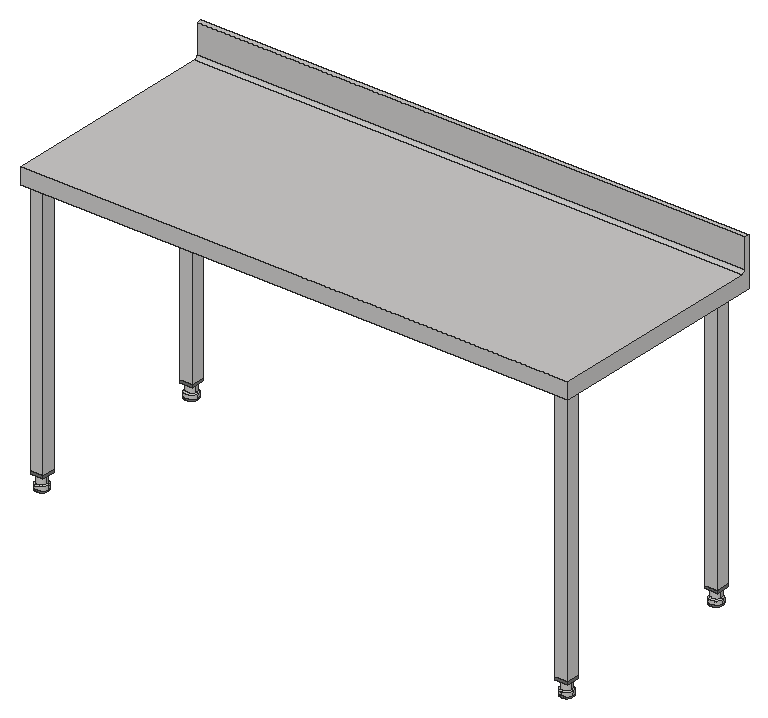
Revit family "QF_ZANUSSI_133235_TG1710N", category Attrezzature speciali, Revit 2020
Family settings
  Quota connettore circolare = Usa diametro
  Tipo di parte = Normale
  Basato su piano di lavoro = No
  Sempre verticale = Sì
  Taglio con vuoti quando caricato = No
  Condiviso = No
  Punto di calcolo locali = No
Parameters (values of type "Standard")
  Weight = 52.00 kg
  Watts = 0 W
  Volts = 0 V
  URL Manufacturer = "http://www.zanussiprofessional.com"
  URL = "http://www.zanussiprofessional.com"
  Steam Supply Size = 0 mm
  Steam Supply Minimum Pressure = 0.0 Pa
  Steam Supply Maximum Pressure = 0.0 Pa
  Steam Consumption per Hour = 0
  Refrigeration Suction Line Size = 0.0 mm
  Refrigeration Liquid Line Size = 0.0 mm
  Refrigerant Compressor Remote = yes
  Prospetto di default = 0.0 mm
  Produttore = "Zanussi"
  Phase = 0
  Modello = "TG1710N"
  Length Actual = 1700.0 mm  # constant formula
  Item Number = "133235"
  Hot Water Size = 0 mm
  Height Actual = 1000.0 mm  # constant formula
  HP = "0 HP"
  Gas Size = 0 mm
  Gas KW = 0
  Gas Input Pressure = 0 W
  Direct Waste Size = 0 mm
  Descrizione = "WORK TABLE WITH UPSTAND 1700 MM"
  Depth Actual = 700.0 mm  # constant formula
  Cycle = 0 Hz
  Condensate Return Size = 0 mm
  Compressed Air Volume = 0.0 L/s
  Compressed Air Size = 0 mm
  Compressed Air Pressure = 0.0 Pa
  Cold Water Size = 0 mm
  Accessory = yes
Reference planes
  plane 1 "Center (Front/Back)": y = 0
  plane 2: z = 0
  plane 3 "Center (Left/Right)": x = -350
  plane 4 "LEFT": x = -1200
  plane 5 "RIGHT": x = 500
  plane 6 "BACK": y = 350
  plane 7 "FRONT": y = -350
  plane 8 "Base": z = 850
  plane 9 "TOP": z = 900
  plane 10: x = -1164.5
  plane 11: x = 464.5
  plane 12: y = 269.5
  plane 13: y = -310.5
Forms (mm)
  Extrusion 1, solid, material "QF_Finishes_Stainless Steel"
    sketch origin (-350, 0, 0) x (0, 1, 0) y (0, 0, 1)
      loop
        line (-350, 850) -> (350, 850) -> (350, 1000) -> (337, 1000) -> (337, 910)
        arc (337, 910) -> (334.071, 902.929) -> (327, 900) r 10
        line (327, 900) -> (-350, 900) -> (-350, 850)
    from 850 to -850
Lines and regions (mm)
  symbolic lines
    curve 1: line (500, 350, 900) -> (-1200, 350, 900)
    curve 2: line (-1200, 350, 900) -> (-1200, -350, 900)
    curve 3: line (-1200, -350, 900) -> (500, -350, 900)
    curve 4: line (500, -350, 900) -> (500, 350, 900)
    curve 5: line (500, 337, 900) -> (-1200, 337, 900)
Dimensions and locks
  plane 4 "LEFT" to plane 5 "RIGHT" = 1700.0 mm
  equal spacing: plane 4 "LEFT", plane 3 "Center (Left/Right)", plane 5 "RIGHT"
  locked: plane 8 "Base" to level at 850
  plane 4 "LEFT" to plane 10 = 35.5 mm
  plane 11 to plane 5 "RIGHT" = 35.5 mm
  plane 10 to plane 11 = 1629.0 mm
  locked: Extrusion 1 to level at 1000
  plane 9 "TOP" to level = 900.0 mm
  plane 6 "BACK" to plane 12 = 80.5 mm
  plane 13 to plane 7 "FRONT" = 39.5 mm
  plane 6 "BACK" to plane 7 "FRONT" = 700.0 mm
  plane 12 to plane 13 = 580.0 mm
  equal spacing: plane 6 "BACK", plane 1 "Center (Front/Back)", plane 7 "FRONT"
  aligned and locked: level to plane 2
  aligned and locked: plane 10 to nested 1
  aligned and locked: nested 1 to plane 13
  aligned and locked: plane 11 to nested 2
  aligned and locked: nested 2 to plane 13
  aligned and locked: plane 11 to nested 4
  aligned and locked: nested 4 to plane 12
  aligned and locked: plane 10 to nested 3
  aligned and locked: nested 3 to plane 12
  aligned and locked: Extrusion 1 to plane 4 "LEFT"
  aligned and locked: plane 5 "RIGHT" to Extrusion 1
  aligned and locked: curve 2 to plane 4 "LEFT"
Automatic sketch dimensions
  Extrusion 1 sketch curve to plane 7 "FRONT" = 0.0 mm
  Extrusion 1 sketch curve to plane 9 "TOP" = 0.0 mm
  Extrusion 1 sketch curve to plane 6 "BACK" = 0.0 mm
  Extrusion 1 sketch curve to plane 8 "Base" = 0.0 mm
  plane 9 "TOP" to Extrusion 1 sketch curve = 10.0 mm
  Extrusion 1 sketch curve to plane 6 "BACK" = 13.0 mm
  Extrusion 1 sketch curve to Extrusion 1 sketch curve = 90.0 mm
  curve 3 to plane 7 "FRONT" = 0.0 mm
  curve 5 to plane 5 "RIGHT" = 0.0 mm
  curve 4 to plane 6 "BACK" = 0.0 mm
  curve 5 to plane 6 "BACK" = 13.0 mm
Nested families
  nested 1: "FEET_40x40_APP42" at (-1164.5, -310.5, 0), type "FEET_40x40_APP42"
  nested 2: "FEET_40x40_APP42" at (464.5, -310.5, 0), type "FEET_40x40_APP42"
  nested 3: "FEET_40x40_APP42" at (-1164.5, 269.5, 0), type "FEET_40x40_APP42"
  nested 4: "FEET_40x40_APP42" at (464.5, 269.5, 0), type "FEET_40x40_APP42"
Definition of nested family "FEET_40x40_APP42"
  Parameters
    Default Elevation = 0.0 mm
    FEET = 850.0 mm
  Reference planes
    plane 1 "Center (Front/Back)": y = 0
    plane 2: z = 0
    plane 3 "Center (Left/Right)": x = 0
    plane 4: z = 850
  Forms (mm)
    Extrusion 1, solid
      sketch origin (0, 0, 0) x (1, 0, 0) y (0, 1, 0)
        loop
          line (-20, -20) -> (20, -20) -> (20, 20) -> (-20, 20) -> (-20, -20)
      from 50 to 845
    Extrusion 2, solid
      sketch origin (0, 0, 0) x (1, 0, 0) y (0, 1, 0)
        loop
          circle (0, 0) r 20
      from 0 to 5
    Extrusion 3, solid
      sketch origin (0, 0, 0) x (1, 0, 0) y (0, 1, 0)
        loop
          line (30, 30) -> (-30, 30) -> (-30, -30) -> (30, -30) -> (30, 30)
      from 845 to 850
    Extrusion 4, solid
      sketch origin (0, 0, 0) x (1, 0, 0) y (0, 1, 0)
        loop
          line (-20, -20) -> (20, -20) -> (20, 20) -> (-20, 20) -> (-20, -20)
      from 50 to 42
    Revolve 5, solid
      sketch origin (0, 0, 0) x (1, 0, 0) y (0, 0, 1)
        loop
          line (0, 42) -> (-15, 42) -> (-15, 20) -> (-20, 15) -> (-20, 5) -> (0, 5) -> (0, 42)
        axis (0, 42) -> (0, 5)
      angle from 0 to 360
  Lines and regions (mm)
    symbolic lines
      curve 1: line (0, -1.503, 0) -> (0, 1.508, 0)
      curve 2: line (1.561, 0, 0) -> (-1.439, 0, 0)
  Dimensions and locks
    "FEET": plane 4 to plane 2
    aligned and locked: level to plane 2
  Automatic sketch dimensions
    plane 1 "Center (Front/Back)" to curve 2 = 0.0 mm
    curve 1 to plane 3 "Center (Left/Right)" = 0.0 mm
    curve 2 to plane 3 "Center (Left/Right)" = 1.439 mm
    plane 3 "Center (Left/Right)" to curve 2 = 1.561 mm
    plane 1 "Center (Front/Back)" to curve 1 = 1.503 mm
    curve 1 to plane 1 "Center (Front/Back)" = 1.508 mm
    Extrusion 1 sketch curve to plane 3 "Center (Left/Right)" = 20.0 mm
    plane 3 "Center (Left/Right)" to Extrusion 1 sketch curve = 20.0 mm
    plane 1 "Center (Front/Back)" to Extrusion 1 sketch curve = 20.0 mm
    Extrusion 1 sketch curve to plane 1 "Center (Front/Back)" = 20.0 mm
    plane 1 "Center (Front/Back)" to Extrusion 2 sketch curve = 0.0 mm
    Extrusion 2 sketch curve to plane 3 "Center (Left/Right)" = 0.0 mm
    Extrusion 3 sketch curve to plane 3 "Center (Left/Right)" = 30.0 mm
    plane 3 "Center (Left/Right)" to Extrusion 3 sketch curve = 30.0 mm
    plane 1 "Center (Front/Back)" to Extrusion 3 sketch curve = 30.0 mm
    Extrusion 3 sketch curve to plane 1 "Center (Front/Back)" = 30.0 mm
    Extrusion 4 sketch curve to plane 3 "Center (Left/Right)" = 20.0 mm
    plane 3 "Center (Left/Right)" to Extrusion 4 sketch curve = 20.0 mm
    plane 1 "Center (Front/Back)" to Extrusion 4 sketch curve = 20.0 mm
    Extrusion 4 sketch curve to plane 1 "Center (Front/Back)" = 20.0 mm
    Revolve 5 sketch curve to plane 3 "Center (Left/Right)" = 0.0 mm  (x2)
    Revolve 5 sketch curve to plane 3 "Center (Left/Right)" = 15.0 mm
    Revolve 5 sketch curve to Revolve 5 sketch curve = 5.0 mm  (x3)
    level to Revolve 5 sketch curve = 5.0 mm
    Revolve 5 sketch curve to Revolve 5 sketch curve = 10.0 mm
    Revolve 5 sketch curve to Revolve 5 sketch curve = 22.0 mm
    Revolve 5 sketch curve to level = 9.561 mm
    radius of Extrusion 2 sketch curve = 20.0 mm
